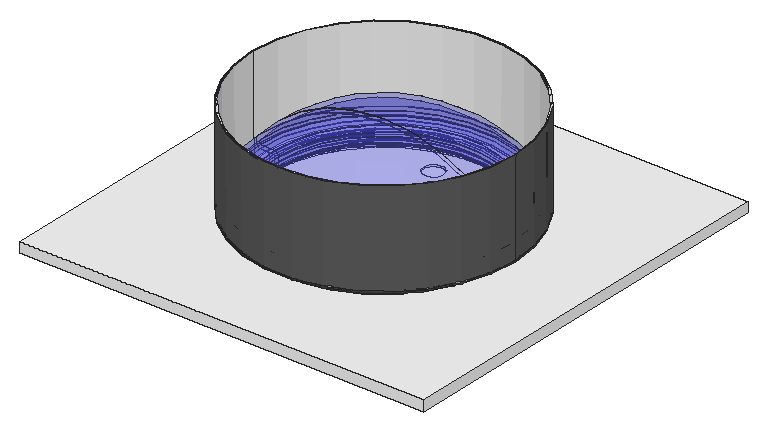
Revit family "BE_51012.2_de_DE", category Leuchten, Revit 2020
Family settings
  Basisbauteil = Fläche
  Bemaßung runder Anschluss = Durchmesser verwenden
  Teiletyp = Normal
  Beim Laden mit Abzugskörper schneiden = Ja
  Lichtquelle = Ja
  Gemeinsam genutzt = Nein
  Raumberechnungspunkt = Ja
Parameters (values of type "BEGA_51012.2_K3")
  built-in parameter 1150104 = 13.816 (stored number, unit not read)
  Wattage = 11.6 W
  Default Elevation = 0 mm
  built-in parameter 1150113 = 1 (stored number, unit not read)
  built-in parameter 1114218 = 1 (stored number, unit not read)
  Umgebungstemperatur = "25 °C"
  URL = "https://www.bega.com/de/produkt/51012.2"
  Typenkommentare = "© 2022 BEGA. Wir behalten uns das Recht vor, technische Änderungen ohne vorherige Ankündigung vorzunehmen."  # constant formula
  built-in parameter 1150134 = (empty or 0)
  built-in parameter 1150109 = 1 (stored number, unit not read)
  Strom = ""
  built-in parameter 1150110 = 1 (stored number, unit not read)
  Spannung = 239.996 V
  Sonderanfertigung = no
  Seriennummer [instance] = "Hier können Sie die eindeutige Seriennummer für das Facility Management eintragen."
  Schutzklasse = "I"
  Schutzart = "IP 20"
  Scheinlast = 0 VA
  Produktdatenblatt = "https://cdn.bega.com/bega/products/51012.2K3/current/documents/data-sheets/de"
  Oberflächentemperatur = ""
  Neigungswinkel = 0.00°
  Modell = "51012.2K3"
  Material_35 = BEGA_Oberfläche_Samtschwarz_matt
  Material_34 = BEGA_Oberfläche_Samtweiss_matt
  Material_22 = BEGA_Oberfläche_Aluminium_matt
  Material_14 = BEGA_Kunststoff_opal
  M_W = no
  M_G = no
  M_A = no
  Logo = 0
  built-in parameter 1114217 = 1 (stored number, unit not read)
  built-in parameter 1150139 = (empty or 0)
  built-in parameter 1150105 = 137.27 (stored number, unit not read)
  built-in parameter 1150114 = 1 (stored number, unit not read)
  Lumens = 1725.04 lm
  built-in parameter 1150115 = 1 (stored number, unit not read)
  Leuchtenlichtstrom = "1026 lm"
  Leuchtenanzahl = ""
  Lebensdauerkriterien = "L70B50 @ 25 °C = 131000 h"
  Lastklassifizierung = Beleuchtung
  built-in parameter 1150112 = 1 (stored number, unit not read)
  Lampenlichtstrom = "1725 lm"
  Lampe = "LED 11.6 W"
  LED_Modulbezeichnung = "LED-0509/930"
  Hersteller = "BEGA"  # constant formula
  Halbstreuwinkel = ""
  Gewicht = "1.55 kg"
  Gebrauchslageneinschränkung [instance] = ""
  Frequenz = "50-60 Hz"
  Farbwiedergabeindex = "CRI > 90"
  Farbtemperaturverschiebung bei Dämpfen der Lampe = <Keine Auswahl>
  Farbtemperatur = "3000 K"
  Color Filter = 16777215
  built-in parameter 1150133 = 10 (stored number, unit not read)
  Energieeffizienzklasse = "LED A++ - A"
  built-in parameter 1150137 = (empty or 0)
  built-in parameter 1150132 = (empty or 0)
  ENEC = "ja"
  Dimmbar [instance] = "on/off"
  Datei für fotometrisches Netz = "BE_51012.2K3.IES"
  CE_Konformität = "ja"
  Bestellnummer = "51012.2K3"
  Beschreibung_Sonderanfertigung = "Hier können Sie Informationen zur Sonderanfertigung eintragen."
  Beschreibung = "Deckenleuchte"
  built-in parameter 1150106 = 1.3727 (stored number, unit not read)
  Befestigungsbohrung = "Ø 5,5 mm"
  Befestigungsabstand = "180 mm"
  Ballwurfsicher = ""
  BEGA_Intern_aus = yes
  BEGA_Intern_an = yes
  BEGA_Intern_Konstruktion = yes
  BEGA_Intern = yes
  BEGA_IES = yes
  BEGA_Dummy = no
  Anschlussleitung = ""
  Anschlussleistung [instance] = "15.5 W"
  Anschlusskasten = ""
  built-in parameter 1150107 = 3000 (stored number, unit not read)
  built-in parameter 1150102 = (empty or 0)
  built-in parameter 1150138 = (empty or 0)
  Aktualisierung = "2022-12-14T04:00:03"
  Abstand_zur_angestrahlten_Fläche [instance] = ""
  AC/DC = "AC"
Reference planes
  plane 1 "Mitte (Vorne/Hinten)": y = 0
  plane 2: z = 0
  plane 3 "Mitte (Links/Rechts)": x = 0
  plane 4 "Links": x = -130.816
  plane 5 "Rechts": x = 130.988
  plane 6 "Unten": y = -130.896
  plane 7 "Oben": y = 130.91
  plane 8 "Vorne": z = 104.998
  plane 9 "Hinten": z = 0
Forms (mm)
  Extrusion 1, solid, material "BEGA_Platte_Weiss"
    sketch origin (0, -1119.2, 0) x (1, 0, 0) y (0, 1, 0)
      loop
        line (-200, 1319.2) -> (-200, 919.2) -> (200, 919.2) -> (200, 1319.2) -> (-200, 1319.2)
    from 0 to -10
  Extrusion 2, solid, material "BEGA_Dummy_matt", visible <- "BEGA_Dummy"
    sketch origin (77.149, -76.023, 0) x (1, 0, 0) y (0, 1, 0)
      loop
        circle (-77.149, 76.023) r 130.825
    from 0 to 104.998
Dimensions and locks
  plane 1 "Mitte (Vorne/Hinten)" to Extrusion 1 = 200 mm
  aligned and locked: Extrusion 1 to plane 2
  aligned and locked: Extrusion 1 to level
Nested families
  nested 1: "BE_51012.2_Leuchte" at (0, 0, 0), type "BE_51012.2_Leuchte"
Connectors
  electrical at (0, 0, 0), driven by "Lastklassifizierung", driven by "Spannung", driven by "Scheinlast"
    settings: index 1, voltage 239.996 V, apparent load 0 VA, apparent load phase1 0 VA, apparent load phase2 0 VA, apparent load phase3 0 VA, power factor 1, load classification "Beleuchtung", number of poles 1, system type 31, power factor state 1, is connector primary yes, connector utility no, sub classification motor no, connector description ""
Definition of nested family "BE_51012.2_Leuchte"
  Parameters (values of type "BE_51012.2_Leuchte")
    Default Elevation = 1 mm
    URL = "http://www.bega.de/de/produkt"
    Type Comments = "© 2015 BEGA. Wir behalten uns das Recht vor, technische Änderungen ohne vorherige Ankündigung vorzunehmen. "  # constant formula
    Type Image = (empty or 0)
    Material_35 = none
    Material_34 = none
    Material_22 = none
    Material_14 = none
    Länge_Platte = 200 mm  # constant formula
    Höhe_Platte = -10 mm  # constant formula
    Manufacturer = "BEGA"  # constant formula
    Breite_Platte = 200 mm  # constant formula
  Reference planes
    plane 1 "Mitte (Oben/Unten)": y = 0
    plane 2: z = 0
    plane 3 "Mitte (Links/Rechts)": x = 0
    plane 4: y = 130.91
    plane 5: x = 130.988
    plane 6: y = -130.896
    plane 7: x = -130.816
    plane 8: z = 104.998
    plane 9: z = 0
  Forms (mm)
    Extrusion 1, solid, detail levels medium
      sketch origin (0, 0, 0) x (1, 0, 0) y (0, 1, 0)
        loop
          line (-100, 100) -> (-100, -100) -> (100, -100) -> (100, 100) -> (-100, 100)
      from 0 to -10 <- "Höhe_Platte"
    Revolve 2, solid, material <- "Material_34"
      sketch origin (0, 0, 0) x (1, 0, 0) y (0, 0, 1)
        loop
          line (115.329, 20) -> (117.5, 20) -> (117.5, 21) -> (115.331, 21)
          arc (115.331, 21) -> (114.063, 20.484) -> (113.524, 19.225) r 1.8
          line (113.524, 19.225) -> (113.276, 4.974)
          arc (113.276, 4.974) -> (112.826, 3.93) -> (111.774, 3.5) r 1.5
          line (111.774, 3.5) -> (0, 3.5) -> (0, 2.5) -> (111.777, 2.5)
          arc (111.777, 2.5) -> (113.501, 3.19) -> (114.274, 4.878) r 2.5
          line (114.274, 4.878) -> (114.524, 19.21)
          arc (114.524, 19.21) -> (114.764, 19.771) -> (115.329, 20) r 0.8
        axis (0, 2.5) -> (0, 21)
      angle from 0 to 360
    Extrusion 3, void
      sketch origin (0, 0, 0) x (1, 0, 0) y (0, 1, 0)
        loop
          circle (-15.69, 81.009) r 10
        loop
          circle (15, 80) r 10
        loop
          circle (-90, 0) r 2.75
        loop
          circle (90, 0) r 2.75
      from 0 to 4.878
    Revolve 4, solid, material <- "Material_14"
      sketch origin (0, 0, 0) x (1, 0, 0) y (0, 0, 1)
        loop
          arc (0, 87.2) -> (67.014, 72.201) -> (121.239, 30.065) r 157.2
          arc (121.239, 30.065) -> (122.17, 27.888) -> (121.777, 25.553) r 4.2
          line (121.777, 25.553) -> (107.481, 24.804)
          arc (107.481, 24.804) -> (104.796, 23.561) -> (103.7, 20.813) r 4
          line (103.7, 20.813) -> (103.7, 17) -> (103.7, 11.774)
          arc (103.7, 11.774) -> (104.098, 10.28) -> (105.186, 9.182) r 3.003
          line (105.186, 9.182) -> (107.458, 7.87)
          arc (107.458, 7.87) -> (108.492, 6.868) -> (108.941, 5.5) r 3.003
          line (108.941, 5.5) -> (112.75, 5.5) -> (112.75, 8.743)
          arc (112.75, 8.743) -> (112.644, 9.141) -> (112.354, 9.434) r 0.801
          line (112.354, 9.434) -> (108, 11.947)
          arc (108, 11.947) -> (107.634, 12.314) -> (107.5, 12.814) r 1.001
          line (107.5, 12.814) -> (107.5, 17) -> (107.5, 20.051)
          arc (107.5, 20.051) -> (107.774, 20.739) -> (108.446, 21.05) r 1
          line (108.446, 21.05) -> (121.856, 21.752)
          arc (121.856, 21.752) -> (123.904, 22.445) -> (125.293, 24.103) r 4
          arc (125.293, 24.103) -> (125.93, 28.446) -> (124.179, 32.472) r 8
          arc (124.179, 32.472) -> (68.64, 75.635) -> (0, 91) r 161
          line (0, 91) -> (0, 87.2)
        axis (0, 5.5) -> (0, 91)
      angle from 0 to 360
    Revolve 5, solid, material <- "Material_35"
      sketch origin (0, 0, 0) x (1, 0, 0) y (0, 0, 1)
        loop
          line (130.498, 11.487) -> (130.825, 104.995) -> (129.825, 104.998) -> (129.498, 11.491)
          arc (129.498, 11.491) -> (129.203, 10.79) -> (128.5, 10.5) r 0.998
          line (128.5, 10.5) -> (116.927, 10.5)
          arc (116.927, 10.5) -> (116.003, 10.122) -> (115.609, 9.205) r 1.318
          line (115.609, 9.205) -> (115.5, 2.974)
          arc (115.5, 2.974) -> (114.899, 1.576) -> (113.491, 1) r 2.009
          line (113.491, 1) -> (110.5, 1) -> (110.5, 0) -> (113.491, 0)
          arc (113.491, 0) -> (115.6, 0.863) -> (116.5, 2.956) r 3.009
          line (116.5, 2.956) -> (116.614, 9.5) -> (128.5, 9.5)
          arc (128.5, 9.5) -> (129.909, 10.081) -> (130.498, 11.487) r 1.998
        axis (0, 0) -> (0, 104.998)
      angle from 0 to 360
    Revolve 6, solid, material <- "Material_22"
      sketch origin (0, 0, 0) x (1, 0, 0) y (0, 0, 1)
        loop
          line (110.5, 2.5) -> (110.5, 1) -> (113.491, 1)
          arc (113.491, 1) -> (114.899, 1.576) -> (115.5, 2.974) r 2.009
          line (115.5, 2.974) -> (115.606, 9.033)
          arc (115.606, 9.033) -> (115.987, 9.999) -> (116.905, 10.487) r 1.5
          line (116.905, 10.487) -> (128.998, 10.487)
          arc (128.998, 10.487) -> (129.725, 11.09) -> (130, 11.995) r 1.645
          line (130, 11.995) -> (130.325, 104.995) -> (129.325, 104.995) -> (128.998, 11.487) -> (116.846, 11.487)
          arc (116.846, 11.487) -> (115.266, 10.693) -> (114.606, 9.052) r 2.5
          line (114.606, 9.052) -> (114.491, 2.5) -> (110.5, 2.5)
        axis (0, 1) -> (0, 104.995)
      angle from 0 to 360
  Cuts and joins
    Extrusion 3 cuts Revolve 2
  Dimensions and locks
    equal spacing: Extrusion 1 sketch curve, plane 3 "Mitte (Links/Rechts)", Extrusion 1 sketch curve
    equal spacing: Extrusion 1 sketch curve, plane 1 "Mitte (Oben/Unten)", Extrusion 1 sketch curve
    "Länge_Platte": Extrusion 1 sketch curve to Extrusion 1 sketch curve
    "Breite_Platte": Extrusion 1 sketch curve to Extrusion 1 sketch curve
    plane 1 "Mitte (Oben/Unten)" to Extrusion 1 = 100 mm  (x3)
    aligned and locked: plane 2 to Extrusion 1
    aligned and locked: level to Extrusion 1
  Automatic sketch dimensions
    Extrusion 3 sketch curve to plane 3 "Mitte (Links/Rechts)" = 15.69 mm
    plane 3 "Mitte (Links/Rechts)" to Extrusion 3 sketch curve = 15 mm
    Extrusion 3 sketch curve to plane 1 "Mitte (Oben/Unten)" = 80 mm
    Extrusion 3 sketch curve to Extrusion 3 sketch curve = 1.009 mm
    Revolve 2 sketch curve to Revolve 2 sketch curve = 0 mm  (x5)
    Revolve 2 sketch curve to plane 3 "Mitte (Links/Rechts)" = 0 mm  (x2)
    Revolve 2 sketch curve to Revolve 2 sketch curve = 0.003 mm  (x2)
    level to Revolve 2 sketch curve = 19.225 mm
    Revolve 2 sketch curve to Revolve 2 sketch curve = 1.747 mm
    level to Revolve 2 sketch curve = 19.21 mm
    Revolve 2 sketch curve to Revolve 2 sketch curve = 1 mm  (x2)
    Revolve 2 sketch curve to Revolve 2 sketch curve = 0.8 mm
    Revolve 2 sketch curve to Revolve 2 sketch curve = 0.004 mm
    Revolve 2 sketch curve to Revolve 2 sketch curve = 0.002 mm  (x2)
    Revolve 2 sketch curve to Revolve 2 sketch curve = 2.169 mm
    level to Revolve 2 sketch curve = 2.5 mm
    Revolve 2 sketch curve to Revolve 2 sketch curve = 1.5 mm
    Revolve 2 sketch curve to Revolve 2 sketch curve = 0.01 mm
    Revolve 2 sketch curve to Revolve 2 sketch curve = 1.497 mm
    level to Revolve 2 sketch curve = 4.974 mm
    Revolve 2 sketch curve to Revolve 2 sketch curve = 0.998 mm
    Revolve 2 sketch curve to level = 609.6 mm
    Revolve 2 sketch curve to Revolve 2 sketch curve = 2588.058 mm
    plane 3 "Mitte (Links/Rechts)" to Revolve 2 sketch curve = 111.777 mm
    level to Revolve 2 sketch curve = 5 mm
    Revolve 2 sketch curve to Revolve 2 sketch curve = 0.096 mm
    Revolve 4 sketch curve to plane 3 "Mitte (Links/Rechts)" = 0 mm  (x3)
    plane 3 "Mitte (Links/Rechts)" to Revolve 4 sketch curve = 0 mm
    level to Revolve 4 sketch curve = 27.391 mm
    plane 3 "Mitte (Links/Rechts)" to Revolve 4 sketch curve = 118 mm
    Revolve 4 sketch curve to level = 70 mm
    Revolve 4 sketch curve to Revolve 4 sketch curve = 0 mm  (x15)
    level to Revolve 4 sketch curve = 87.2 mm
    Revolve 4 sketch curve to Revolve 4 sketch curve = 3.239 mm
    Revolve 4 sketch curve to Revolve 4 sketch curve = 2.94 mm
    Revolve 4 sketch curve to Revolve 4 sketch curve = 4.054 mm
    Revolve 4 sketch curve to Revolve 4 sketch curve = 5.962 mm
    Revolve 4 sketch curve to Revolve 4 sketch curve = 539.6 mm
    Revolve 4 sketch curve to Revolve 4 sketch curve = 2518.058 mm
    Revolve 4 sketch curve to Revolve 4 sketch curve = 3.647 mm
    level to Revolve 4 sketch curve = 25.553 mm
    Revolve 4 sketch curve to Revolve 4 sketch curve = 0.13 mm
    Revolve 4 sketch curve to Revolve 4 sketch curve = 0.193 mm
    level to Revolve 4 sketch curve = 24.804 mm
    Revolve 4 sketch curve to Revolve 4 sketch curve = 10.519 mm
    level to Revolve 4 sketch curve = 21.05 mm
    Revolve 4 sketch curve to Revolve 4 sketch curve = 0.965 mm
    Revolve 4 sketch curve to Revolve 4 sketch curve = 0.079 mm
    level to Revolve 4 sketch curve = 21.752 mm
    Revolve 4 sketch curve to Revolve 4 sketch curve = 0.746 mm
    Revolve 4 sketch curve to Revolve 4 sketch curve = 0.239 mm
    Revolve 4 sketch curve to Revolve 4 sketch curve = 0.003 mm
    Revolve 4 sketch curve to Revolve 4 sketch curve = 3.813 mm
    Revolve 4 sketch curve to Revolve 4 sketch curve = 0.054 mm
    Revolve 4 sketch curve to Revolve 4 sketch curve = 0.759 mm
    Revolve 4 sketch curve to Revolve 4 sketch curve = 3.051 mm
    level to Revolve 4 sketch curve = 11.774 mm
    Revolve 4 sketch curve to Revolve 4 sketch curve = 3.8 mm
    level to Revolve 4 sketch curve = 17 mm
    Revolve 4 sketch curve to Revolve 4 sketch curve = 1.04 mm
    Revolve 4 sketch curve to Revolve 4 sketch curve = 1.001 mm
    Revolve 4 sketch curve to Revolve 4 sketch curve = 3.448 mm
    Revolve 4 sketch curve to Revolve 4 sketch curve = 0.405 mm
    Revolve 4 sketch curve to Revolve 4 sketch curve = 0.691 mm
    level to Revolve 4 sketch curve = 11.947 mm
    Revolve 4 sketch curve to Revolve 4 sketch curve = 0.5 mm
    Revolve 4 sketch curve to Revolve 4 sketch curve = 0.396 mm
    level to Revolve 4 sketch curve = 9.182 mm
    Revolve 4 sketch curve to Revolve 4 sketch curve = 1.486 mm
    Revolve 4 sketch curve to Revolve 4 sketch curve = 1.298 mm
    Revolve 4 sketch curve to Revolve 4 sketch curve = 0.174 mm
    level to Revolve 4 sketch curve = 7.87 mm
    Revolve 4 sketch curve to Revolve 4 sketch curve = 2.272 mm
    Revolve 4 sketch curve to Revolve 4 sketch curve = 3.243 mm
    Revolve 4 sketch curve to Revolve 4 sketch curve = 1.511 mm
    Revolve 4 sketch curve to Revolve 4 sketch curve = 2.595 mm
    Revolve 4 sketch curve to Revolve 4 sketch curve = 1.483 mm
    Revolve 5 sketch curve to Revolve 5 sketch curve = 0 mm  (x10)
    Revolve 5 sketch curve to plane 3 "Mitte (Links/Rechts)" = 0 mm
    Revolve 5 sketch curve to level = 0 mm
    level to Revolve 5 sketch curve = 1 mm
    plane 3 "Mitte (Links/Rechts)" to Revolve 5 sketch curve = 110.5 mm
    Revolve 5 sketch curve to Revolve 5 sketch curve = 2.991 mm
    level to Revolve 5 sketch curve = 2.974 mm
    Revolve 5 sketch curve to Revolve 5 sketch curve = 2.009 mm
    level to Revolve 5 sketch curve = 9.205 mm
    Revolve 5 sketch curve to Revolve 5 sketch curve = 0.109 mm
    level to Revolve 5 sketch curve = 2.956 mm
    Revolve 5 sketch curve to Revolve 5 sketch curve = 1 mm  (x3)
    level to Revolve 5 sketch curve = 9.5 mm
    Revolve 5 sketch curve to Revolve 5 sketch curve = 1.005 mm
    Revolve 5 sketch curve to Revolve 5 sketch curve = 0.313 mm
    Revolve 5 sketch curve to Revolve 5 sketch curve = 11.573 mm
    level to Revolve 5 sketch curve = 11.491 mm
    Revolve 5 sketch curve to Revolve 5 sketch curve = 0.998 mm
    Revolve 5 sketch curve to Revolve 5 sketch curve = 0.326 mm
    level to Revolve 5 sketch curve = 11.487 mm
    Revolve 5 sketch curve to Revolve 5 sketch curve = 0.035 mm
    Revolve 5 sketch curve to Revolve 5 sketch curve = 0.318 mm
    Revolve 5 sketch curve to Revolve 5 sketch curve = 0.007 mm
    Revolve 5 sketch curve to Revolve 5 sketch curve = 93.508 mm
    Revolve 5 sketch curve to Revolve 5 sketch curve = 0.003 mm
    Revolve 5 sketch curve to level = 609.6 mm
    Revolve 5 sketch curve to Revolve 5 sketch curve = 2504.06 mm
    Revolve 6 sketch curve to Revolve 6 sketch curve = 0 mm  (x4)
    Revolve 6 sketch curve to plane 3 "Mitte (Links/Rechts)" = 0 mm
    level to Revolve 6 sketch curve = 2.5 mm
    plane 3 "Mitte (Links/Rechts)" to Revolve 6 sketch curve = 110.5 mm
    Revolve 6 sketch curve to Revolve 6 sketch curve = 2.991 mm
    Revolve 6 sketch curve to Revolve 6 sketch curve = 1 mm  (x3)
    level to Revolve 6 sketch curve = 9.052 mm
    Revolve 6 sketch curve to Revolve 6 sketch curve = 1.115 mm
    level to Revolve 6 sketch curve = 9.033 mm
    Revolve 6 sketch curve to Revolve 6 sketch curve = 1.24 mm
    Revolve 6 sketch curve to Revolve 6 sketch curve = 0.059 mm
    Revolve 6 sketch curve to Revolve 6 sketch curve = 0.201 mm
    Revolve 6 sketch curve to Revolve 6 sketch curve = 11.509 mm
    Revolve 6 sketch curve to Revolve 6 sketch curve = 0.97 mm
    level to Revolve 6 sketch curve = 1 mm
    Revolve 6 sketch curve to Revolve 6 sketch curve = 0.509 mm
    Revolve 6 sketch curve to Revolve 6 sketch curve = 0.033 mm
    Revolve 6 sketch curve to Revolve 6 sketch curve = 92.994 mm
    Revolve 6 sketch curve to Revolve 6 sketch curve = 1.008 mm
    level to Revolve 6 sketch curve = 2.974 mm
    Revolve 6 sketch curve to Revolve 6 sketch curve = 1.002 mm
    Revolve 6 sketch curve to level = 609.6 mm
    Revolve 6 sketch curve to Revolve 6 sketch curve = 2504.063 mm
    Revolve 6 sketch curve to Revolve 6 sketch curve = 0.643 mm
    Revolve 6 sketch curve to Revolve 6 sketch curve = 0.508 mm
    radius of Extrusion 3 sketch curve = 10 mm  (x2)
